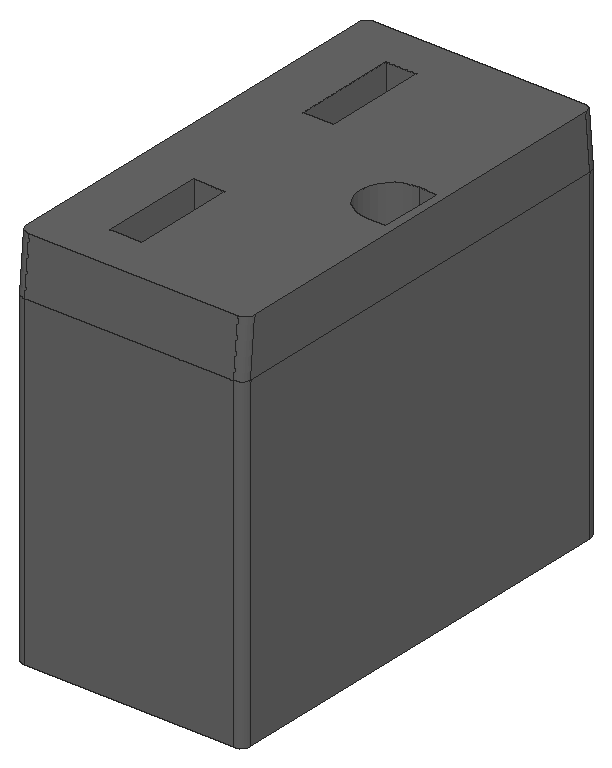
Revit family "Domotics-DomesticRanges-GEWISS-SYSTEM_POWER-SOCKET-OUTLET_USA", category Apparecchi elettrici, host Superficie, Revit 2016
Family settings
  Host = Superficie
  Mantenere orientamento annotazione = Sì
  Tipo di parte = Normale
  Quota connettore circolare = Usa diametro
  Taglio con vuoti quando caricato = Sì
  Condiviso = Sì
  Punto di calcolo locali = Sì
Parameters (values of type "GW21216 - 2P+E 15A 250V usa s.-outlet black")
  Voltage: = "250/125V AC"
  Voltage = "250/125V AC"
  Volt = 230 V
  Vista in pianta [instance] = yes
  Version file RFA = "19.4"
  URL = "https://www.gewiss.com/ww/en"
  Tipo_ = System Prese Usa_GENERICO : GW21216 Presa 2P+T 15A 250V standard USA nero
  Technical sheet = "https://www.gewiss.com/ww/en/search?q=GW21216"
  TXT ELETTRICO = "15"
  Standard: = "USA"
  Standard = "USA"
  Simbolo [instance] = yes
  Shape = "Aligned vertical"
  SEO = "Socket outlet"
  Realized by GEWISS S.p.A. = ""
  Default Elevation = 1219.2 mm
  Produttore = "GEWISS S.p.A."
  Offset presa [instance] = 0 mm
  Offset bidimensionale [instance] = 39 mm
  No. SYSTEM modules = "1"
  N. poli = 1
  Modello = "GW21216"
  Immagine tipo = GW21216.jpg
  IFC.TypeObject = ""
  IFC.ExportType = ""
  IFC.ExportAs = ""
  IDT = "ee7472e3-5b00-4676-9de9-5bd574cc3f56"
  IDF = "c0ed77c7-f079-4b1f-9b87-2b0a27c530df"
  For plug pins = "Flat"
  Electrocod = "0131"
  EAN code = "8011564128552"
  Distanza_x [instance] = 0 mm
  Distanza_effettiva_y [instance] = 100 mm
  Distanza_effettiva_x [instance] = 1000 mm - Distanza_x  # 1000 mm
  Distanza orizzontale del simbolo [instance] = 30.436 mm
  Distanza dal muro [instance] = 4.208 mm
  Descrizione = "2P+E 15A 250V USA S.-OUTLET SY/BK"
  Description: = "2P+E - 15A 250V ac"
  Description. = "USA"
  Colour = "Black"
  Catalogue Range = "SYSTEM - DOMESTIC RANGE"
  Catalogue = "DOMOTICS"
  Carico apparente = 0 VA
  COBie.Tagnumber = ""
  COBie.CreatedOn = ""
  COBie.CreatebBy = ""
  COBie.ComponentRegisterItemID = ""
  COBie.Component.TagNumber = ""
  COBie.Component.Space = ""
  COBie.Component.SerialNumber = ""
  COBie.Component.InstallationDate = ""
  COBie.Component.Description = ""
  COBie.Component.BarCode = ""
Types (2, lengths in mm): name | Tipo_ | Technical sheet | Modello | Immagine tipo | IDT | EAN code | Descrizione | Description: | Colour
  GW20216 - 2P+E 15A 250V usa s.-outlet white | System Prese Usa_GENERICO : GW20216 Presa 2P+T 15A 250V standard USA bianco | "https://www.gewiss.com/ww/en/search?q=GW20216" | "GW20216" | GW20216.jpg | "0b21bccf-beeb-40e6-9c9f-4dc3247881dc" | "8011564000698" | "2P+E 15A 250V USA S.-OUTLET SY/WT" | "2P+E - 15A - 250V ac" | "White"
  GW21216 - 2P+E 15A 250V usa s.-outlet black | System Prese Usa_GENERICO : GW21216 Presa 2P+T 15A 250V standard USA nero | "https://www.gewiss.com/ww/en/search?q=GW21216" | "GW21216" | GW21216.jpg | "ee7472e3-5b00-4676-9de9-5bd574cc3f56" | "8011564128552" | "2P+E 15A 250V USA S.-OUTLET SY/BK" | "2P+E - 15A 250V ac" | "Black"
Reference planes
  plane 1 "Centro (Fronte/Retro)": y = 0
  plane 2: z = 0
  plane 3 "Centro (Sinistra/Destra)": x = 0
  plane 4: x = -1000
  plane 5: x = 0
  plane 6: y = 100
  plane 7: z = 0
  plane 8 "Piano bidimensionale": z = 39
  plane 9: z = 39
Lines and regions (mm)
  Masking region 1, visible <- "Vista in pianta"
    outline origin (0, 0, 0) x (1, 0, 0) y (0, 1, 0)
      loop
        line (11.5, -22.5) -> (11.5, 22.5) -> (-11.5, 22.5) -> (-11.5, -22.5) -> (11.5, -22.5)
      loop
        line (-9.9, 15.152) -> (-9.9, 6.917) -> (-6.716, 6.917) -> (-6.716, 15.152) -> (-9.9, 15.152)
      loop
        line (-6.716, -6.917) -> (-9.9, -6.917) -> (-9.9, -15.152) -> (-6.716, -15.152) -> (-6.716, -6.917)
      loop
        arc (8.68, 3.294) -> (5.386, 0) -> (8.68, -3.294) r 3.294
        line (8.68, -3.294) -> (10.657, -3.294) -> (10.657, 3.294) -> (8.68, 3.294)
  Masking region 2, visible <- "Vista in pianta"
    outline origin (0, 0, 0) x (1, 0, 0) y (0, 0, 1)
      loop
        line (11.6, 0) -> (11.6, 39) -> (-11.6, 39) -> (-11.6, 0) -> (11.6, 0)
  Masking region 3, visible <- "Vista in pianta"
    outline origin (0, 0, 0) x (0, 1, 0) y (0, 0, 1)
      loop
        line (22.5, 0) -> (22.5, 39) -> (-22.5, 39) -> (-22.5, 0) -> (22.5, 0)
  model lines, style "0", detail levels coarse
    curve 1: arc (9.524, 3.294, 39) -> (6.23, 0, 39) -> (9.524, -3.294, 39) r 3.294
    curve 2: line (11.5, -22.5, 39) -> (-11.5, -22.5, 39)
    curve 3: line (-11.5, -22.5, 39) -> (-11.5, 22.5, 39)
    curve 4: line (-11.5, 22.5, 39) -> (11.5, 22.5, 39)
    curve 5: line (11.5, 22.5, 39) -> (11.5, -22.5, 39)
    curve 6: line (-5.795, -17.787, 39) -> (-5.795, -6.917, 39)
    curve 7: line (-5.795, -6.917, 39) -> (-2.611, -6.917, 39)
    curve 8: line (-2.611, -6.917, 39) -> (-2.611, -17.787, 39)
    curve 9: line (-2.611, -17.787, 39) -> (-5.795, -17.787, 39)
    curve 10: line (9.524, 3.294, 39) -> (11.5, 3.294, 39)
    curve 11: line (11.5, 3.294, 39) -> (11.5, -3.294, 39)
    curve 12: line (11.5, -3.294, 39) -> (9.524, -3.294, 39)
    curve 13: line (-5.795, 17.787, 39) -> (-5.795, 6.917, 39)
    curve 14: line (-5.795, 6.917, 39) -> (-2.611, 6.917, 39)
    curve 15: line (-2.611, 6.917, 39) -> (-2.611, 17.787, 39)
    curve 16: line (-2.611, 17.787, 39) -> (-5.795, 17.787, 39)
  model lines, style "0", not visible, detail levels coarse
    curve 17: arc (78.926, 47.923, 39) -> (75.633, 44.629, 39) -> (78.926, 41.336, 39) r 3.294
    curve 18: line (80.903, 22.129, 39) -> (57.903, 22.129, 39)
    curve 19: line (57.903, 22.129, 39) -> (57.903, 67.129, 39)
    curve 20: line (57.903, 67.129, 39) -> (80.903, 67.129, 39)
    curve 21: line (80.903, 67.129, 39) -> (80.903, 22.129, 39)
    curve 22: line (63.607, 26.843, 39) -> (63.607, 37.712, 39)
    curve 23: line (63.607, 37.712, 39) -> (66.791, 37.712, 39)
    curve 24: line (66.791, 37.712, 39) -> (66.791, 26.843, 39)
    curve 25: line (66.791, 26.843, 39) -> (63.607, 26.843, 39)
    curve 26: line (78.926, 47.923, 39) -> (80.903, 47.923, 39)
    curve 27: line (80.903, 47.923, 39) -> (80.903, 41.336, 39)
    curve 28: line (80.903, 41.336, 39) -> (78.926, 41.336, 39)
    curve 29: line (63.607, 62.416, 39) -> (63.607, 51.546, 39)
    curve 30: line (63.607, 51.546, 39) -> (66.791, 51.546, 39)
    curve 31: line (66.791, 51.546, 39) -> (66.791, 62.416, 39)
    curve 32: line (66.791, 62.416, 39) -> (63.607, 62.416, 39)
Dimensions and locks
  plane 4 to plane 3 "Centro (Sinistra/Destra)" = 1000 mm
  "Distanza_effettiva_x": plane 4 to plane 5
  "Distanza_effettiva_y": plane 6 to plane 1 "Centro (Fronte/Retro)"
  "Offset bidimensionale": plane 8 "Piano bidimensionale" to host face
  "Offset presa": plane 7 to host face
  locked: plane 9 to plane 7 at 39
  aligned and locked: plane 2 to host face
  aligned and locked: level to host face
  aligned and locked: plane 5 to nested 1
  aligned and locked: nested 1 to plane 6
  aligned and locked: plane 3 "Centro (Sinistra/Destra)" to nested 2
  aligned and locked: plane 1 "Centro (Fronte/Retro)" to nested 2
  aligned and locked: nested 2 to plane 7
  aligned and locked: nested 2 to plane 9  (x2)
  aligned and locked: Masking region 2 sketch curve to nested 2  (x2)
  aligned and locked: Masking region 2 to plane 7
  aligned and locked: plane 7 to nested 2  (x2)
  aligned and locked: Masking region 3 sketch curve to nested 2  (x2)
  aligned and locked: Masking region 3 to plane 7
  aligned and locked: Masking region 3 to plane 9
  aligned and locked: plane 9 to nested 2
Automatic sketch dimensions
  host sketch curve to host sketch curve = 2438.4 mm  (x2)
  Masking region 1 sketch curve to plane 3 "Centro (Sinistra/Destra)" = 11.5 mm
  plane 3 "Centro (Sinistra/Destra)" to Masking region 1 sketch curve = 11.5 mm
  plane 1 "Centro (Fronte/Retro)" to Masking region 1 sketch curve = 22.5 mm
  Masking region 1 sketch curve to plane 1 "Centro (Fronte/Retro)" = 22.5 mm
  Masking region 1 sketch curve to Masking region 1 sketch curve = 1.6 mm
  Masking region 1 sketch curve to Masking region 1 sketch curve = 7.348 mm  (x2)
  Masking region 1 sketch curve to Masking region 1 sketch curve = 3.184 mm  (x2)
  Masking region 1 sketch curve to plane 1 "Centro (Fronte/Retro)" = 6.917 mm
  Masking region 1 sketch curve to plane 3 "Centro (Sinistra/Destra)" = 9.9 mm
  plane 1 "Centro (Fronte/Retro)" to Masking region 1 sketch curve = 6.917 mm
  plane 1 "Centro (Fronte/Retro)" to Masking region 1 sketch curve = 0 mm
  plane 3 "Centro (Sinistra/Destra)" to Masking region 1 sketch curve = 8.68 mm
  Masking region 1 sketch curve to Masking region 1 sketch curve = 3.294 mm
  Masking region 1 sketch curve to Masking region 1 sketch curve = 1.976 mm
  Masking region 2 sketch curve to plane 7 = 0 mm
  Masking region 2 sketch curve to plane 9 = 0 mm
  Masking region 3 sketch curve to plane 7 = 0 mm
  plane 9 to Masking region 3 sketch curve = 0 mm
Nested families
  nested 1: "SIMBOLO PRESE" at (0, 100, 0), TESTO ELETTRICO <- "TXT ELETTRICO", Distanza dal muro <- "Distanza dal muro", SIMBOLO <- "Simbolo", visible <- "Simbolo", type "PRESA"
    with TESTO ELETTRICO "15", SIMBOLO yes, Distanza dal muro 4.208 mm, BORDO ACCESO yes
  nested 2: "System Prese Usa_GENERICO" at (0, 0, 0), type <- "Tipo_", type "GW21216 Presa 2P+T 15A 250V standard USA nero", detail levels medium+fine
Connectors
  electrical at (0, 0, 0), driven by "N. poli", driven by "Volt", driven by "Carico apparente"
    settings: on nested 2, index 1, voltage 230 V, apparent load 0 VA, apparent load phase1 0 VA, apparent load phase2 0 VA, apparent load phase3 0 VA, power factor 1, load classification "Altro", number of poles 1, system type 31, power factor state 1, is connector primary yes, connector utility no, sub classification motor no, connector description ""
Definition of nested family "System Prese Usa_GENERICO"
  Parameters (values of type "GW21216 Presa 2P+T 15A 250V standard USA nero")
    L = 23.2 mm
    Finitura Presa USA = none
    Altezza da Terra = 750 mm
  Types (2, lengths in mm): name | L
    GW20216 Presa 2P+T 15A 250V standard USA bianco | 23
    GW21216 Presa 2P+T 15A 250V standard USA nero | 23.2
  Reference planes
    plane 1 "Centro (Fronte/Retro)": y = 0
    plane 2: z = 0
    plane 3 "Centro (Sinistra/Destra)": x = 0
    plane 4: y = -22.5
    plane 5: y = 22.5
    plane 6: x = -11.6
    plane 7: x = 11.6
    plane 8: z = 39
  Forms (mm)
    Extrusion 1, solid, material <- "Finitura Presa USA"
      sketch origin (0, -772.5, 2.5) x (1, 0, 0) y (0, 1, 0)
        loop
          arc (-10.6, 795) -> (-11.307, 794.707) -> (-11.6, 794) r 1
          line (-11.6, 794) -> (-11.6, 751)
          arc (-11.6, 751) -> (-11.307, 750.293) -> (-10.6, 750) r 1
          line (-10.6, 750) -> (10.6, 750)
          arc (10.6, 750) -> (11.307, 750.293) -> (11.6, 751) r 1
          line (11.6, 751) -> (11.6, 794)
          arc (11.6, 794) -> (11.307, 794.707) -> (10.6, 795) r 1
          line (10.6, 795) -> (-10.6, 795)
      from 30.828 to -2.5
    Blend 2, solid, material <- "Finitura Presa USA", not visible
      base sketch origin (-1.4, -1122.029, 2.5) x (1, 0, 0) y (0, 1, 0)
        loop
          arc (-9.2, 1144.529) -> (-9.907, 1144.236) -> (-10.2, 1143.529) r 1
          line (-10.2, 1143.529) -> (-10.2, 1100.529)
          arc (-10.2, 1100.529) -> (-9.907, 1099.822) -> (-9.2, 1099.529) r 1
          line (-9.2, 1099.529) -> (12, 1099.529)
          arc (12, 1099.529) -> (12.707, 1099.822) -> (13, 1100.529) r 1
          line (13, 1100.529) -> (13, 1143.529)
          arc (13, 1143.529) -> (12.707, 1144.236) -> (12, 1144.529) r 1
          line (12, 1144.529) -> (-9.2, 1144.529)
      top sketch origin (-1.4, -1122.029, 7.5) x (1, 0, 0) y (0, 1, 0)
        loop
          arc (-9.2, 1144.029) -> (-9.907, 1143.736) -> (-10.2, 1143.029) r 1
          line (-10.2, 1143.029) -> (-10.2, 1101.029)
          arc (-10.2, 1101.029) -> (-9.907, 1100.322) -> (-9.2, 1100.029) r 1
          line (-9.2, 1100.029) -> (12, 1100.029)
          arc (12, 1100.029) -> (12.707, 1100.322) -> (13, 1101.029) r 1
          line (13, 1101.029) -> (13, 1143.029)
          arc (13, 1143.029) -> (12.707, 1143.736) -> (12, 1144.029) r 1
          line (12, 1144.029) -> (-9.2, 1144.029)
      from 30.828 to 31.5
    Blend 3, solid, material <- "Finitura Presa USA"
      base sketch origin (-1.9, -1122.029, 2.5) x (1, 0, 0) y (0, 1, 0)
        loop
          arc (-8.7, 1144.529) -> (-9.407, 1144.236) -> (-9.7, 1143.529) r 1
          line (-9.7, 1143.529) -> (-9.7, 1100.529)
          arc (-9.7, 1100.529) -> (-9.407, 1099.822) -> (-8.7, 1099.529) r 1
          line (-8.7, 1099.529) -> (12.5, 1099.529)
          arc (12.5, 1099.529) -> (13.207, 1099.822) -> (13.5, 1100.529) r 1
          line (13.5, 1100.529) -> (13.5, 1143.529)
          arc (13.5, 1143.529) -> (13.207, 1144.236) -> (12.5, 1144.529) r 1
          line (12.5, 1144.529) -> (-8.7, 1144.529)
      top sketch origin (-1.9, -1122.029, 7.5) x (1, 0, 0) y (0, 1, 0)
        loop
          arc (-8.7, 1144.029) -> (-9.407, 1143.736) -> (-9.7, 1143.029) r 1
          line (-9.7, 1143.029) -> (-9.7, 1101.029)
          arc (-9.7, 1101.029) -> (-9.407, 1100.322) -> (-8.7, 1100.029) r 1
          line (-8.7, 1100.029) -> (12.5, 1100.029)
          arc (12.5, 1100.029) -> (13.207, 1100.322) -> (13.5, 1101.029) r 1
          line (13.5, 1101.029) -> (13.5, 1143.029)
          arc (13.5, 1143.029) -> (13.207, 1143.736) -> (12.5, 1144.029) r 1
          line (12.5, 1144.029) -> (-8.7, 1144.029)
      from 30.828 to 31.5
    Blend 4, solid, material <- "Finitura Presa USA", not visible
      base sketch origin (45.692, -1122.029, 2.5) x (1, 0, 0) y (0, 1, 0)
        loop
          arc (-12.5, 1144.529) -> (-13.207, 1144.236) -> (-13.5, 1143.529) r 1
          line (-13.5, 1143.529) -> (-13.5, 1100.529)
          arc (-13.5, 1100.529) -> (-13.207, 1099.822) -> (-12.5, 1099.529) r 1
          line (-12.5, 1099.529) -> (12.5, 1099.529)
          arc (12.5, 1099.529) -> (13.207, 1099.822) -> (13.5, 1100.529) r 1
          line (13.5, 1100.529) -> (13.5, 1143.529)
          arc (13.5, 1143.529) -> (13.207, 1144.236) -> (12.5, 1144.529) r 1
          line (12.5, 1144.529) -> (-12.5, 1144.529)
      top sketch origin (45.692, -1122.029, 7.5) x (1, 0, 0) y (0, 1, 0)
        loop
          arc (-12, 1144.029) -> (-12.707, 1143.736) -> (-13, 1143.029) r 1
          line (-13, 1143.029) -> (-13, 1101.029)
          arc (-13, 1101.029) -> (-12.707, 1100.322) -> (-12, 1100.029) r 1
          line (-12, 1100.029) -> (12, 1100.029)
          arc (12, 1100.029) -> (12.707, 1100.322) -> (13, 1101.029) r 1
          line (13, 1101.029) -> (13, 1143.029)
          arc (13, 1143.029) -> (12.707, 1143.736) -> (12, 1144.029) r 1
          line (12, 1144.029) -> (-12, 1144.029)
      from 0 to 0
    Extrusion 5, void, not visible
      sketch origin (0, 0, 0) x (1, 0, 0) y (0, 1, 0)
        loop
          line (38.817, 15.152) -> (35.633, 15.152) -> (35.633, 6.917) -> (38.817, 6.917) -> (38.817, 15.152)
        loop
          line (57.33, 3.294) -> (55.353, 3.294)
          arc (55.353, 3.294) -> (52.06, 0) -> (55.353, -3.294) r 3.294
          line (55.353, -3.294) -> (57.33, -3.294) -> (57.33, 3.294)
        loop
          line (38.817, -15.152) -> (38.817, -6.917) -> (35.633, -6.917) -> (35.633, -15.152) -> (38.817, -15.152)
      from 0 to 7.5
    Blend 6, solid, material <- "Finitura Presa USA", not visible
      base sketch origin (-33.182, -1122.029, 2.5) x (1, 0, 0) y (0, 1, 0)
        loop
          arc (-12.5, 1144.529) -> (-13.207, 1144.236) -> (-13.5, 1143.529) r 1
          line (-13.5, 1143.529) -> (-13.5, 1100.529)
          arc (-13.5, 1100.529) -> (-13.207, 1099.822) -> (-12.5, 1099.529) r 1
          line (-12.5, 1099.529) -> (12.5, 1099.529)
          arc (12.5, 1099.529) -> (13.207, 1099.822) -> (13.5, 1100.529) r 1
          line (13.5, 1100.529) -> (13.5, 1143.529)
          arc (13.5, 1143.529) -> (13.207, 1144.236) -> (12.5, 1144.529) r 1
          line (12.5, 1144.529) -> (-12.5, 1144.529)
      top sketch origin (-33.182, -1122.029, 7.5) x (1, 0, 0) y (0, 1, 0)
        loop
          arc (-12, 1144.029) -> (-12.707, 1143.736) -> (-13, 1143.029) r 1
          line (-13, 1143.029) -> (-13, 1101.029)
          arc (-13, 1101.029) -> (-12.707, 1100.322) -> (-12, 1100.029) r 1
          line (-12, 1100.029) -> (12, 1100.029)
          arc (12, 1100.029) -> (12.707, 1100.322) -> (13, 1101.029) r 1
          line (13, 1101.029) -> (13, 1143.029)
          arc (13, 1143.029) -> (12.707, 1143.736) -> (12, 1144.029) r 1
          line (12, 1144.029) -> (-12, 1144.029)
      from 0 to 0
    Extrusion 7, void, not visible
      sketch origin (-78.874, 0, 0) x (1, 0, 0) y (0, 1, 0)
        loop
          line (34.383, -6.917) -> (34.383, -10.101) -> (45.252, -10.101) -> (45.252, -6.917) -> (34.383, -6.917)
        loop
          line (34.383, 10.101) -> (34.383, 6.917) -> (42.617, 6.917) -> (42.617, 10.101) -> (34.383, 10.101)
        loop
          line (57.33, 3.294) -> (55.353, 3.294)
          arc (55.353, 3.294) -> (52.06, 0) -> (55.353, -3.294) r 3.294
          line (55.353, -3.294) -> (57.33, -3.294) -> (57.33, 3.294)
      from 2.5 to 7.5
    Extrusion 8, void
      sketch origin (-45.73, 0, 0) x (1, 0, 0) y (0, 1, 0)
        loop
          line (42.976, 17.495) -> (39.792, 17.495) -> (39.792, 6.917) -> (42.976, 6.917) -> (42.976, 17.495)
        loop
          line (56.486, 3.294) -> (54.51, 3.294)
          arc (54.51, 3.294) -> (51.216, 0) -> (54.51, -3.294) r 3.294
          line (54.51, -3.294) -> (56.486, -3.294) -> (56.486, 3.294)
        loop
          line (42.976, -17.495) -> (42.976, -6.917) -> (39.792, -6.917) -> (39.792, -17.495) -> (42.976, -17.495)
      from 33.328 to 39
  Cuts and joins
    Extrusion 8 cuts Blend 2
    Extrusion 8 cuts Blend 3
  Dimensions and locks
    equal spacing: plane 6, plane 3 "Centro (Sinistra/Destra)", plane 7
    "L": plane 6 to plane 7
    plane 8 to level = 39 mm
    aligned and locked: level to plane 2
    aligned and locked: Extrusion 8 to Extrusion 1
    aligned and locked: plane 6 to Blend 3 sketch curve
    aligned and locked: plane 6 to Blend 2 sketch curve
    aligned and locked: Blend 2 sketch curve to plane 7
    aligned and locked: Extrusion 1 to cut or joined group of Blend 2, Extrusion 8
  Automatic sketch dimensions
    Extrusion 1 sketch curve to plane 4 = 0 mm
    Extrusion 1 sketch curve to plane 5 = 0 mm
    plane 4 to Extrusion 1 sketch curve = 1 mm
    Extrusion 1 sketch curve to plane 6 = 0 mm
    Extrusion 1 sketch curve to Extrusion 1 sketch curve = 1 mm  (x2)
    Extrusion 1 sketch curve to plane 7 = 1 mm  (x2)
    Blend 2 sketch curve to plane 4 = 0 mm
    Blend 2 sketch curve to plane 5 = 0 mm
    plane 4 to Blend 2 sketch curve = 1 mm
    Blend 2 sketch curve to Blend 2 sketch curve = 1 mm  (x4)
    Blend 2 sketch curve to plane 7 = 1 mm  (x3)
    Blend 2 sketch curve to plane 6 = 0 mm
    plane 4 to Blend 2 sketch curve = 0.5 mm
    plane 6 to Blend 2 sketch curve = 1 mm
    Blend 2 sketch curve to plane 5 = 1.5 mm
    Blend 3 sketch curve to plane 4 = 0 mm
    Blend 3 sketch curve to plane 5 = 0 mm
    plane 4 to Blend 3 sketch curve = 1 mm
    Blend 3 sketch curve to Blend 3 sketch curve = 1 mm  (x4)
    Blend 3 sketch curve to plane 7 = 1 mm  (x4)
    Blend 3 sketch curve to plane 6 = 0 mm
    plane 4 to Blend 3 sketch curve = 0.5 mm
    plane 6 to Blend 3 sketch curve = 1 mm
    Blend 3 sketch curve to plane 5 = 1.5 mm
    plane 1 "Centro (Fronte/Retro)" to Extrusion 8 sketch curve = 0 mm
    Extrusion 8 sketch curve to plane 7 = 0.843 mm
    Extrusion 8 sketch curve to plane 7 = 2.82 mm
    plane 6 to Extrusion 8 sketch curve = 8.847 mm  (x2)
    plane 6 to Extrusion 8 sketch curve = 5.662 mm  (x2)
    plane 1 "Centro (Fronte/Retro)" to Extrusion 8 sketch curve = 3.294 mm
    plane 1 "Centro (Fronte/Retro)" to Extrusion 8 sketch curve = 6.917 mm
    plane 4 to Extrusion 8 sketch curve = 5.005 mm
    Extrusion 8 sketch curve to plane 1 "Centro (Fronte/Retro)" = 6.917 mm
    Extrusion 8 sketch curve to plane 5 = 5.005 mm
Definition of nested family "SIMBOLO PRESE"
  Parameters (values of type "PRESA")
    TESTO ELETTRICO [instance] = "TXT"
    Simbolo = SIMBOLO PRESE_BASE : PRESA
    SIMBOLO [instance] = yes
    Distanza dal muro [instance] = 4.208 mm
    BORDO ACCESO [instance] = yes
  Reference planes
    plane 1: y = 0
    plane 2: x = 0
  Dimensions and locks
    aligned and locked: plane 1 to nested 1
    aligned and locked: plane 2 to nested 1
  Nested families
    nested 1: "SIMBOLO PRESE_BASE" at (0, 0, 0), type <- "Simbolo", TESTO ELETTRICO <- "TESTO ELETTRICO", BORDO ACCESO <- "BORDO ACCESO", visible <- "SIMBOLO", type "PRESA"
      with TESTO ELETTRICO "TXT", BORDO ACCESO yes
  Definition of nested family "SIMBOLO PRESE_BASE"
    Parameters (values of type "PRESA")
      TESTO ELETTRICO [instance] = "TXT"
      Distanza dal muro = 4.208 mm
      BORDO ACCESO [instance] = yes
    Reference planes
      plane 1: y = 0
      plane 2: x = 0
    Lines and regions (mm)
      detail lines, visible <- "BORDO ACCESO", not visible
        curve 1: line (-1.743, 9.208, 0) -> (2.057, 9.208, 0)
        curve 2: line (2.057, 9.208, 0) -> (2.057, 4.208, 0)
        curve 3: line (2.057, 4.208, 0) -> (-1.743, 4.208, 0)
        curve 4: line (-1.743, 4.208, 0) -> (-1.743, 9.208, 0)
        curve 5: line (-1.543, 9.008, 0) -> (1.857, 9.008, 0)
        curve 6: line (1.857, 9.008, 0) -> (1.857, 4.408, 0)
        curve 7: line (1.857, 4.408, 0) -> (-1.543, 4.408, 0)
        curve 8: line (-1.543, 4.408, 0) -> (-1.543, 9.008, 0)
      detail lines
        curve 9: line (0.783, 1.133, 0) -> (-0.783, 1.133, 0)
        curve 10: line (0, 1.133, 0) -> (0, 0.349, 0)
        curve 11: arc (-0.783, 1.916, 0) -> (0, 1.133, 0) -> (0.783, 1.916, 0) r 0.783
    Text (mm)
      label "TXT" at (0.016, 1.578, 0), shows "TESTO ELETTRICO"
